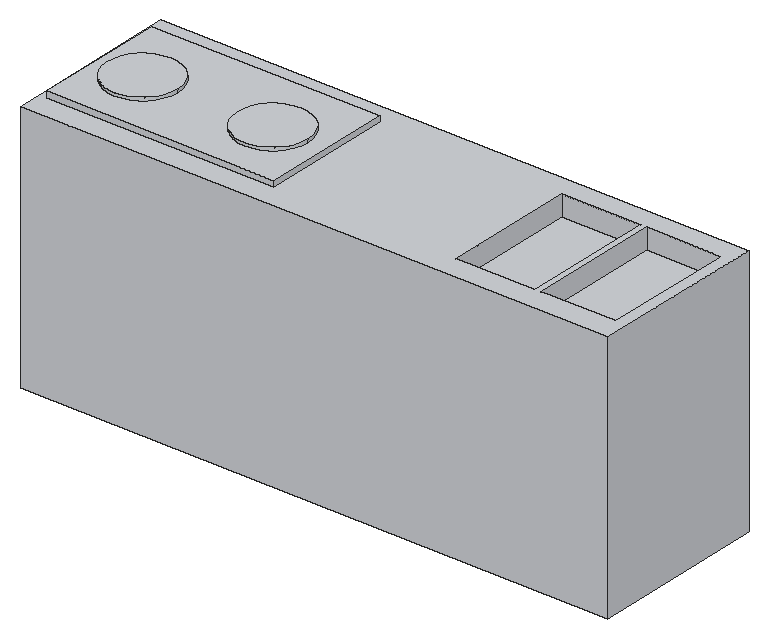
Revit family "CookingCounter", category 家具, Revit 2025
Family settings
  OmniClass 编号 = 23.40.20.00
  OmniClass 标题 = General Furniture and Specialties
  基于工作平面 = 否
  视图中启用分割 = 否
  总是垂直 = 是
  载入时剪切的空心 = 否
  渲染外观源 = 族几何图形
  共享 = 否
  房间计算点 = 否
Parameters
  默认高程 = 0 mm
Reference planes
  plane 1 "中心(前/后)": y = 0
  plane 2: z = 0
  plane 3 "中心(左/右)": x = 0
  plane 4: y = 300
  plane 5: y = -300
  plane 6: x = 1000
  plane 7: x = -1000
  plane 8: y = 230
  plane 9: y = -220
  plane 10: x = -975
  plane 11: x = 965
  plane 12: x = -200
  plane 13: x = 400
  plane 14: x = 420
  plane 15: x = 945
  plane 16: x = 700
  plane 17: x = 690
  plane 18: x = 710
Forms (mm)
  Extrusion 1, solid
    sketch origin (0, 0, 0) x (1, 0, 0) y (0, 1, 0)
      loop
        line (-1000, 300) -> (-1000, -300) -> (1000, -300) -> (1000, 300) -> (-1000, 300)
    from 0 to 860
  Extrusion 2, solid
    sketch origin (0, 0, 0) x (1, 0, 0) y (0, 1, 0)
      loop
        line (-975, 230) -> (-975, -220) -> (-200, -220) -> (-200, 230) -> (-975, 230)
    from 860 to 880
  Extrusion 3, solid
    sketch origin (24.376, -6.5, 0) x (1, 0, 0) y (0, 1, 0)
      loop
        circle (-843.114, 0) r 120
    from 880 to 890
  Extrusion 4, solid
    sketch origin (464.256, -1.878, 0) x (1, 0, 0) y (0, 1, 0)
      loop
        circle (-843.114, 0) r 120
    from 880 to 890
  Extrusion 5, void
    sketch origin (0, 0, 0) x (1, 0, 0) y (0, 1, 0)
      loop
        line (420, 230) -> (420, -220) -> (690, -220) -> (690, 230) -> (420, 230)
    from 968.517 to 790
  Extrusion 6, void
    sketch origin (0, 0, 0) x (1, 0, 0) y (0, 1, 0)
      loop
        line (710, 230) -> (710, -220) -> (965, -220) -> (965, 230) -> (710, 230)
    from 968.517 to 790
Cuts and joins
  Extrusion 5, Extrusion 6 cuts Extrusion 1
Dimensions and locks
  aligned and locked: level to plane 2
